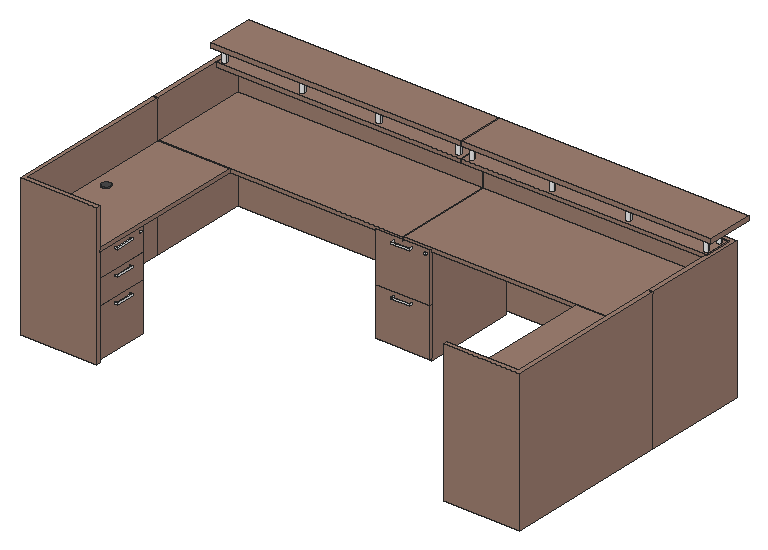
Revit family "T100121", category Furniture, Revit 2022
Family settings
  OmniClass Number = 23.40.20.00
  OmniClass Title = General Furniture and Specialties
  Work Plane-Based = No
  Always vertical = Yes
  Cut with Voids When Loaded = No
  Render Appearance Source = Family Geometry
  Shared = No
  Room Calculation Point = No
Parameters
  Default Elevation = 0' - 0"
Reference planes (in)
  plane 1 "Center Front/Back": y = 0
  plane 2: z = 0
  plane 3 "Center Left/Right": x = 0
Dimensions and locks (in)
  aligned and locked: level to plane 2
Nested families (in)
  nested 1: "OFS ELEMENT DOUBLE DESK WITH RETURN 144in" at (0, 17, 0), type "ELEMENT DOUBLE DESK WITH RETURN 144in Desk 48in Return"
    with Desk Overlay Option yes
  nested 2: "OFS ELEMENT DESK PEDESTAL" at (0, 27.04085, 0), type "ELEMENT DESK PEDESTAL FILE/FILE RETURN"
  nested 3: "OFS ELEMENT CREDENZA PEDESTAL" at (-69.375, -39.15625, 0) x (0, 1, 0) z (0, 0, 1), type "ELEMENT CREDENZA PEDESTAL BOX/BOX/FILE RETURN"
  nested 4: "OFS ELEMENT CREDENZA PEDESTAL" at (69.375, -39.15625, 0) x (0, -1, 0) z (0, 0, 1), type "ELEMENT CREDENZA PEDESTAL BOX/BOX/FILE RETURN"
Definition of nested family "OFS ELEMENT DOUBLE DESK WITH RETURN 144in"
  Parameters (values of type "ELEMENT DOUBLE DESK WITH RETURN 144in Desk 60in Return")
    Worksurface Material = none
    Width = 12' - 0"
    URL = "http://www.ofsbrands.com/"
    Transaction Shelf Material = none
    Table Supp from Lateral = 0' - 2 5/8"
    Table Supp from Center = 2' - 1"
    Table Depth = 1' - 1 1/2"
    Return Worksurface Width = 1' - 10"
    Model = "EL-T72D60"
    Manufacturer = "OFS"
    Lateral Board Thickness = 0' - 1 3/16"
    Height = 3' - 9"
    Standoffs Material = none
    Groomet Material = none
    Desk Overlay Thickness = 0' - 0 1/8"
    Desk Overlay Option [instance] = yes
    Desk Overlay Material = none
    Desk Overlay = 0' - 6 1/2"
    Description = "OFS BRANDS OFS ELEMENT DOUBLE DESK WITH RETURN 144\" Width, 2 X 72\"W x 34.3125\"D DESK, 2 X 60\"W x 22\"D RETURN"
    Depth = 7' - 10 5/16"
    Default Elevation = 0' - 0"
    Copyright © = "© 2018 OFS BRANDS"
    Catalog = "http://ofs.com/products/casegoods/reception/element"
    Bottom Board Offset = 0' - 0"
    Chassis Material = none
    Base Depth = 2' - 6"
    Back Board Thickness = 0' - 1 3/16"
    Authoring Version = "Autodesk Revit Architecture 2013"
    Assembly Code = "E2020200"
  Types (3): name | Model | Description | Depth
    (no name) | "EL-T72D60" | "OFS BRANDS OFS ELEMENT DOUBLE DESK WITH RETURN 144\" Width, 2 X 72\"W x 34.3125\"D DESK, 2 X 60\"W x 22\"D RETURN" | 7' - 10 5/16"
    ELEMENT DOUBLE DESK WITH RETURN 144in Desk 48in Return | "EL-T72D48" | "OFS BRANDS OFS ELEMENT DOUBLE DESK WITH RETURN 144\" Width, 2 X 72\"W x 34.3125\"D DESK, 2 X 48\"W x 22\"D RETURN" | 6' - 10 5/16"
    ELEMENT DOUBLE DESK WITH RETURN 144in Desk 60in Return | "EL-T72D60" | "OFS BRANDS OFS ELEMENT DOUBLE DESK WITH RETURN 144\" Width, 2 X 72\"W x 34.3125\"D DESK, 2 X 60\"W x 22\"D RETURN" | 7' - 10 5/16"
  Reference planes (in)
    plane 1 "Center Front/Back": y = 0
    plane 2: z = 0
    plane 3 "Center Left/Right": x = 0
    plane 4 "Back External": y = 17.15625
    plane 5 "Right External": x = 72
    plane 6 "Front External": y = -17.15625
    plane 7 "Left External": x = -72
    plane 8 "Seat Height": z = 29.5
    plane 9 "Height": z = 45
    plane 10: x = 70.8125
    plane 11: x = -70.8125
    plane 12: y = 12.84375
    plane 13: y = 11.65625
    plane 14: y = 3.65625
    plane 15: z = 40.5
    plane 16: z = 28.5
    plane 17: z = 43.875
    plane 18: z = 39.375
    plane 19: z = 0
    plane 20: x = -69.375
    plane 21: x = -25
    plane 22: x = 69.375
    plane 23: x = 25
    plane 24: x = 65.5
    plane 25: x = -65.5
    plane 26: z = 6.5
    plane 27: z = 34
    plane 28: y = 12.96875
    plane 29: x = 0.5
    plane 30: x = -0.5
    plane 31: x = -1.9375
    plane 32: x = 1.9375
    plane 33: x = -47
    plane 34: x = 47
    plane 35: y = -77.15625
    plane 36: x = -50
    plane 37: y = -75.96875
    plane 38: x = -67
    plane 39: x = 50
    plane 40: x = 67
    plane 41: y = -46.5625
  Forms (in)
    Extrusion 1, solid, material <- "Worksurface Material"
      sketch origin (0, 0, 0) x (1, 0, 0) y (0, 1, 0)
        loop
          line (-70.8125, 11.65625) -> (-70.8125, -17.15625) -> (-0.03125, -17.15625) -> (-0.03125, 11.65625) -> (-70.8125, 11.65625)
        loop
          line (70.8125, -17.15625) -> (70.8125, 11.65625) -> (0.03125, 11.65625) -> (0.03125, -17.15625) -> (70.8125, -17.15625)
      from 28.5 to 29.5
    Extrusion 2, solid, material <- "Chassis Material"
      sketch origin (0, 0, 0) x (1, 0, 0) y (0, 1, 0)
        loop
          line (-72, -17.15625) -> (-70.8125, -17.15625) -> (-70.8125, 11.65625) -> (-0.03125, 11.65625) -> (-0.03125, 12.84375) -> (-72, 12.84375) -> (-72, -17.15625)
        loop
          line (72, 12.84375) -> (0.03125, 12.84375) -> (0.03125, 11.65625) -> (70.8125, 11.65625) -> (70.8125, -17.15625) -> (72, -17.15625) -> (72, 12.84375)
      from 0 to 40.5
    Extrusion 3, solid, material <- "Chassis Material"
      sketch origin (0, 0, 6) x (1, 0, 0) y (0, 1, 0)
        loop
          line (-70.8125, 11.65625) -> (-70.8125, 3.65625) -> (-0.03125, 3.65625) -> (-0.03125, 11.65625) -> (-70.8125, 11.65625)
        loop
          line (70.8125, 3.65625) -> (70.8125, 11.65625) -> (0.03125, 11.65625) -> (0.03125, 3.65625) -> (70.8125, 3.65625)
      from 33.375 to 34.5
    Extrusion 4, solid, material <- "Transaction Shelf Material"
      sketch origin (0, 0, 6) x (1, 0, 0) y (0, 1, 0)
        loop
          line (-72, 17.15625) -> (-72, 3.65625) -> (-0.03125, 3.65625) -> (-0.03125, 17.15625) -> (-72, 17.15625)
        loop
          line (72, 3.65625) -> (72, 17.15625) -> (0.03125, 17.15625) -> (0.03125, 3.65625) -> (72, 3.65625)
      from 37.875 to 39
    Extrusion 5, solid, material <- "Standoffs Material"
      sketch origin (0, 0, 0) x (1, 0, 0) y (0, 1, 0)
        loop
          circle (-69.375, 10.04085) r 0.625
      from 40.5 to 43.875
    Extrusion 6, solid, material <- "Standoffs Material"
      sketch origin (0, -4.75, 0) x (1, 0, 0) y (0, 1, 0)
        loop
          circle (-69.375, 10.04085) r 0.625
      from 40.5 to 43.875
    Extrusion 7, solid, material <- "Standoffs Material"
      sketch origin (22.25, 0, 0) x (1, 0, 0) y (0, 1, 0)
        loop
          circle (-47.25, 10.04085) r 0.625
      from 40.5 to 43.875
    Extrusion 8, solid, material <- "Standoffs Material"
      sketch origin (22.25, -4.75, 0) x (1, 0, 0) y (0, 1, 0)
        loop
          circle (-47.25, 10.04085) r 0.625
      from 40.5 to 43.875
    Extrusion 9, solid, material <- "Standoffs Material"
      sketch origin (44.5, 0, 0) x (1, 0, 0) y (0, 1, 0)
        loop
          circle (-19.5, 10.04085) r 0.625
      from 40.5 to 43.875
    Extrusion 10, solid, material <- "Standoffs Material"
      sketch origin (44.5, -4.75, 0) x (1, 0, 0) y (0, 1, 0)
        loop
          circle (-19.5, 10.04085) r 0.625
      from 40.5 to 43.875
    Extrusion 11, solid, material <- "Standoffs Material"
      sketch origin (66.75, 0, 0) x (1, 0, 0) y (0, 1, 0)
        loop
          circle (2.625, 10.04085) r 0.625
      from 40.5 to 43.875
    Extrusion 12, solid, material <- "Standoffs Material"
      sketch origin (66.75, -4.75, 0) x (1, 0, 0) y (0, 1, 0)
        loop
          circle (2.625, 10.04085) r 0.625
      from 40.5 to 43.875
    Extrusion 13, solid, material <- "Desk Overlay Material", visible <- "Desk Overlay Option"
      sketch origin (0, 0, 0) x (1, 0, 0) y (0, 0, 1)
        loop
          line (65.5, 34) -> (-65.5, 34) -> (-65.5, 6.5) -> (65.5, 6.5) -> (65.5, 34)
      from -12.96875 to -12.84375
    Extrusion 14, solid, material <- "Chassis Material"
      sketch origin (0, 0, 0) x (1, 0, 0) y (0, 1, 0)
        loop
          line (-0.5, 11.65625) -> (-0.5, 0) -> (0.5, 0) -> (0.5, 11.65625) -> (-0.5, 11.65625)
      from 0 to 28.5
    Extrusion 15, solid, material <- "Standoffs Material"
      sketch origin (-71.3125, 0, 0) x (-1, 0, 0) y (0, -1, 0)
        loop
          circle (-69.375, -10.04085) r 0.625
      from 40.5 to 43.875
    Extrusion 16, solid, material <- "Standoffs Material"
      sketch origin (-71.3125, -4.75, 0) x (-1, 0, 0) y (0, -1, 0)
        loop
          circle (-69.375, -10.04085) r 0.625
      from 40.5 to 43.875
    Extrusion 17, solid, material <- "Standoffs Material"
      sketch origin (71.3125, 0, 0) x (1, 0, 0) y (0, 1, 0)
        loop
          circle (-69.375, 10.04085) r 0.625
      from 40.5 to 43.875
    Extrusion 18, solid, material <- "Standoffs Material"
      sketch origin (71.3125, -4.75, 0) x (1, 0, 0) y (0, 1, 0)
        loop
          circle (-69.375, 10.04085) r 0.625
      from 40.5 to 43.875
    Extrusion 19, solid, material <- "Standoffs Material"
      sketch origin (-94.25, 0, 0) x (-1, 0, 0) y (0, -1, 0)
        loop
          circle (-47.25, -10.04085) r 0.625
      from 40.5 to 43.875
    Extrusion 20, solid, material <- "Standoffs Material"
      sketch origin (-94.25, -4.75, 0) x (-1, 0, 0) y (0, -1, 0)
        loop
          circle (-47.25, -10.04085) r 0.625
      from 40.5 to 43.875
    Extrusion 21, solid, material <- "Standoffs Material"
      sketch origin (94.25, 0, 0) x (1, 0, 0) y (0, 1, 0)
        loop
          circle (-47.25, 10.04085) r 0.625
      from 40.5 to 43.875
    Extrusion 22, solid, material <- "Standoffs Material"
      sketch origin (94.25, -4.75, 0) x (1, 0, 0) y (0, 1, 0)
        loop
          circle (-47.25, 10.04085) r 0.625
      from 40.5 to 43.875
    Extrusion 23, solid, material <- "Chassis Material"
      sketch origin (-36, 0, 0) x (1, 0, 0) y (0, 1, 0)
        loop
          line (-36, -17.15625) -> (-36, -77.15625) -> (-14, -77.15625) -> (-14, -75.96875) -> (-34.8125, -75.96875) -> (-34.8125, -17.15625) -> (-36, -17.15625)
      from 0 to 40.5
    Extrusion 24, solid, material <- "Worksurface Material"
      sketch origin (-21.16074, -32.43958, 0) x (1, 0, 0) y (0, 1, 0)
        loop
          line (-49.65176, 15.28333) -> (-49.65176, -43.52917) -> (-28.83926, -43.52917) -> (-28.83926, 15.28333) -> (-49.65176, 15.28333)
      from 28.5 to 29.5
    Extrusion 25, solid, material <- "Chassis Material"
      sketch origin (36, 0, 0) x (-1, 0, 0) y (0, -1, 0)
        loop
          line (-36, 17.15625) -> (-34.8125, 17.15625) -> (-34.8125, 75.96875) -> (-14, 75.96875) -> (-14, 77.15625) -> (-36, 77.15625) -> (-36, 17.15625)
      from 0 to 40.5
    Extrusion 26, solid, material <- "Worksurface Material"
      sketch origin (21.16074, -32.43958, 0) x (-1, 0, 0) y (0, -1, 0)
        loop
          line (-49.65176, -15.28333) -> (-28.83926, -15.28333) -> (-28.83926, 43.52917) -> (-49.65176, 43.52917) -> (-49.65176, -15.28333)
      from 28.5 to 29.5
    Extrusion 27, solid, material <- "Groomet Material"
      sketch origin (-36, 0, 0) x (1, 0, 0) y (0, 1, 0)
        loop
          circle (-31, -46.5625) r 1.25
      from 29.5 to 29.625
    Extrusion 28, solid, material <- "Groomet Material"
      sketch origin (36, 6, 0) x (-1, 0, 0) y (0, -1, 0)
        loop
          circle (-31, 52.5625) r 1.25
      from 29.5 to 29.625
  Dimensions and locks (in)
    equal spacing: plane 7 "Left External", plane 3 "Center Left/Right", plane 5 "Right External"
    "Width": plane 7 "Left External" to plane 5 "Right External"
    equal spacing: plane 6 "Front External", plane 1 "Center Front/Back", plane 4 "Back External"
    "Depth": plane 4 "Back External" to plane 35
    plane 8 "Seat Height" to level = 2' - 5 1/2"
    "Height": plane 9 "Height" to level
    "Lateral Board Thickness": plane 7 "Left External" to plane 11
    "Lateral Board Thickness": plane 10 to plane 5 "Right External"
    "Base Depth": plane 12 to plane 6 "Front External"
    "Back Board Thickness": plane 12 to plane 13
    "Table Depth": plane 4 "Back External" to plane 14
    plane 15 to level = 3' - 4 1/2"
    "Bottom Board Offset": plane 19 to level
    "Table Supp from Lateral": plane 7 "Left External" to plane 20
    "Table Supp from Center": plane 21 to plane 3 "Center Left/Right"
    "Table Supp from Lateral": plane 5 "Right External" to plane 22
    "Table Supp from Center": plane 23 to plane 3 "Center Left/Right"
    "Desk Overlay": plane 5 "Right External" to plane 24
    "Desk Overlay": plane 25 to plane 7 "Left External"
    plane 25 to plane 24 = 10' - 11"
    "Desk Overlay": plane 27 to plane 15
    "Desk Overlay": plane 19 to plane 26
    "Desk Overlay Thickness": plane 28 to plane 12
    Extrusion 23 to plane 38 = 0' - 5"
    Extrusion 25 to plane 40 = 0' - 5"
    locked: plane 37 to plane 35 at 1.1875
    equal spacing: plane 6 "Front External", plane 41, plane 37
    aligned and locked: level to plane 2
    aligned and locked: Extrusion 1 sketch curve to plane 13
    aligned and locked: Extrusion 1 sketch curve to plane 11
    aligned and locked: Extrusion 1 sketch curve to plane 6 "Front External"
    aligned and locked: Extrusion 1 sketch curve to plane 10
    aligned and locked: plane 7 "Left External" to Extrusion 2 sketch curve
    aligned and locked: Extrusion 1 to Extrusion 2 sketch curve  (x2)
    aligned and locked: Extrusion 2 sketch curve to Extrusion 1  (x2)
    aligned and locked: Extrusion 2 sketch curve to plane 12
    aligned and locked: plane 5 "Right External" to Extrusion 2 sketch curve
    aligned and locked: Extrusion 2 sketch curve to plane 13
    aligned and locked: Extrusion 2 to plane 19
    aligned and locked: Extrusion 1 to plane 16
    aligned and locked: Extrusion 1 to plane 8 "Seat Height"
    aligned and locked: Extrusion 3 to plane 18
    aligned and locked: plane 11 to Extrusion 3
    aligned and locked: plane 10 to Extrusion 3
    aligned and locked: plane 13 to Extrusion 3
    aligned and locked: Extrusion 3 to plane 14
    aligned and locked: Extrusion 4 to plane 14
    aligned and locked: plane 4 "Back External" to Extrusion 4
    aligned and locked: Extrusion 4 to plane 9 "Height"
    aligned and locked: Extrusion 4 to plane 17
    aligned and locked: plane 5 "Right External" to Extrusion 4
    aligned and locked: Extrusion 4 to plane 7 "Left External"
    aligned and locked: Extrusion 13 sketch curve to plane 27
    aligned and locked: Extrusion 13 sketch curve to plane 24
    aligned and locked: Extrusion 13 sketch curve to plane 26
    aligned and locked: Extrusion 13 sketch curve to plane 25
    aligned and locked: Extrusion 13 to plane 12
    aligned and locked: Extrusion 13 to plane 28
    aligned and locked: Extrusion 14 sketch curve to plane 13
    aligned and locked: Extrusion 14 sketch curve to plane 30
    aligned and locked: Extrusion 14 sketch curve to plane 1 "Center Front/Back"
    aligned and locked: Extrusion 14 sketch curve to plane 29
    aligned and locked: Extrusion 23 sketch curve to plane 37
    aligned and locked: plane 36 to Extrusion 23 sketch curve
    aligned and locked: plane 35 to Extrusion 23 sketch curve
    aligned and locked: Extrusion 24 to plane 36
    aligned and locked: Extrusion 24 to plane 37
    aligned and locked: Extrusion 25 sketch curve to plane 39
    aligned and locked: plane 39 to Extrusion 26
  Automatic sketch dimensions
    Extrusion 1 sketch curve to plane 6 "Front External" = 0' - 0"
    Extrusion 1 sketch curve to plane 13 = 0' - 0"
    Extrusion 1 sketch curve to plane 3 "Center Left/Right" = 0' - 0 1/32"
    plane 3 "Center Left/Right" to Extrusion 1 sketch curve = 0' - 0 1/32"
    Extrusion 2 sketch curve to plane 12 = 0' - 0"
    Extrusion 2 sketch curve to plane 13 = 0' - 0"
    Extrusion 2 sketch curve to plane 3 "Center Left/Right" = 0' - 0 1/32"
    plane 3 "Center Left/Right" to Extrusion 2 sketch curve = 0' - 0 1/32"
    Extrusion 3 sketch curve to plane 11 = 0' - 0"
    Extrusion 3 sketch curve to plane 13 = 0' - 0"  (x2)
    Extrusion 3 sketch curve to plane 14 = 0' - 0"  (x2)
    Extrusion 3 sketch curve to plane 10 = 0' - 0"
    Extrusion 3 sketch curve to plane 3 "Center Left/Right" = 0' - 0 1/32"
    plane 3 "Center Left/Right" to Extrusion 3 sketch curve = 0' - 0 1/32"
    Extrusion 4 sketch curve to plane 4 "Back External" = 0' - 0"  (x2)
    Extrusion 4 sketch curve to plane 7 "Left External" = 0' - 0"
    Extrusion 4 sketch curve to plane 14 = 0' - 0"  (x2)
    Extrusion 4 sketch curve to plane 5 "Right External" = 0' - 0"
    Extrusion 4 sketch curve to plane 3 "Center Left/Right" = 0' - 0 1/32"
    plane 3 "Center Left/Right" to Extrusion 4 sketch curve = 0' - 0 1/32"
    Extrusion 5 sketch curve to plane 20 = 0' - 0"
    Extrusion 5 sketch curve to plane 13 = 0' - 1.6154"
    Extrusion 6 sketch curve to plane 20 = 0' - 0"
    plane 14 to Extrusion 6 sketch curve = 0' - 1.6346"
    Extrusion 7 sketch curve to plane 21 = 0' - 0"
    Extrusion 7 sketch curve to plane 13 = 0' - 1.6154"
    Extrusion 8 sketch curve to plane 21 = 0' - 0"
    plane 14 to Extrusion 8 sketch curve = 0' - 1.6346"
    Extrusion 9 sketch curve to plane 23 = 0' - 0"
    Extrusion 9 sketch curve to plane 13 = 0' - 1.6154"
    Extrusion 10 sketch curve to plane 23 = 0' - 0"
    plane 14 to Extrusion 10 sketch curve = 0' - 1.6346"
    Extrusion 11 sketch curve to plane 22 = 0' - 0"
    Extrusion 11 sketch curve to plane 13 = 0' - 1.6154"
    Extrusion 12 sketch curve to plane 22 = 0' - 0"
    plane 14 to Extrusion 12 sketch curve = 0' - 1.6346"
    Extrusion 15 sketch curve to plane 31 = 0' - 0"
    plane 13 to Extrusion 15 sketch curve = 0' - 1.6154"
    Extrusion 16 sketch curve to plane 31 = 0' - 0"
    Extrusion 16 sketch curve to plane 14 = 0' - 1.6346"
    Extrusion 17 sketch curve to plane 32 = 0' - 0"
    Extrusion 17 sketch curve to plane 13 = 0' - 1.6154"
    Extrusion 18 sketch curve to plane 32 = 0' - 0"
    plane 14 to Extrusion 18 sketch curve = 0' - 1.6346"
    Extrusion 19 sketch curve to plane 33 = 0' - 0"
    plane 13 to Extrusion 19 sketch curve = 0' - 1.6154"
    Extrusion 20 sketch curve to plane 33 = 0' - 0"
    Extrusion 20 sketch curve to plane 14 = 0' - 1.6346"
    Extrusion 21 sketch curve to plane 34 = 0' - 0"
    Extrusion 21 sketch curve to plane 13 = 0' - 1.6154"
    Extrusion 22 sketch curve to plane 34 = 0' - 0"
    plane 14 to Extrusion 22 sketch curve = 0' - 1.6346"
    Extrusion 23 sketch curve to plane 7 "Left External" = 0' - 0"
    Extrusion 23 sketch curve to plane 11 = 0' - 0"
    Extrusion 23 sketch curve to plane 6 "Front External" = 0' - 0"
    Extrusion 24 sketch curve to plane 11 = 0' - 0"
    Extrusion 24 sketch curve to plane 36 = 0' - 0"
    Extrusion 24 sketch curve to plane 37 = 0' - 0"
    Extrusion 24 sketch curve to plane 6 "Front External" = 0' - 0"
    Extrusion 25 sketch curve to plane 5 "Right External" = 0' - 0"
    Extrusion 25 sketch curve to plane 10 = 0' - 0"
    plane 6 "Front External" to Extrusion 25 sketch curve = 0' - 0"
    plane 37 to Extrusion 25 sketch curve = 0' - 0"
    plane 35 to Extrusion 25 sketch curve = 0' - 0"
    Extrusion 26 sketch curve to plane 10 = 0' - 0"
    plane 37 to Extrusion 26 sketch curve = 0' - 0"
    Extrusion 26 sketch curve to plane 39 = 0' - 0"
    plane 6 "Front External" to Extrusion 26 sketch curve = 0' - 0"
    Extrusion 27 sketch curve to plane 38 = 0' - 0"
    Extrusion 27 sketch curve to plane 41 = 0' - 0"
    Extrusion 28 sketch curve to plane 40 = 0' - 0"
    Extrusion 28 sketch curve to plane 41 = 0' - 0"
    radius of Extrusion 5 sketch curve = 0' - 0 5/8"
    radius of Extrusion 6 sketch curve = 0' - 0 5/8"
    radius of Extrusion 7 sketch curve = 0' - 0 5/8"
    radius of Extrusion 8 sketch curve = 0' - 0 5/8"
    radius of Extrusion 9 sketch curve = 0' - 0 5/8"
    radius of Extrusion 10 sketch curve = 0' - 0 5/8"
    radius of Extrusion 11 sketch curve = 0' - 0 5/8"
    radius of Extrusion 12 sketch curve = 0' - 0 5/8"
    radius of Extrusion 15 sketch curve = 0' - 0 5/8"
    radius of Extrusion 16 sketch curve = 0' - 0 5/8"
    radius of Extrusion 17 sketch curve = 0' - 0 5/8"
    radius of Extrusion 18 sketch curve = 0' - 0 5/8"
    radius of Extrusion 19 sketch curve = 0' - 0 5/8"
    radius of Extrusion 20 sketch curve = 0' - 0 5/8"
    radius of Extrusion 21 sketch curve = 0' - 0 5/8"
    radius of Extrusion 22 sketch curve = 0' - 0 5/8"
    radius of Extrusion 27 sketch curve = 0' - 1 1/4"
    radius of Extrusion 28 sketch curve = 0' - 1 1/4"
Definition of nested family "OFS ELEMENT DESK PEDESTAL"
  Parameters (values of type "ELEMENT DESK PEDESTAL FILE/FILE RETURN")
    Worksurface Material = none
    Width = 1' - 3 5/8"
    URL = "http://ofsbrands.com"
    Top Thickness = 0' - 0"
    Lateral Boads Thickness = 0' - 0 5/8"
    Frontboard Thickness = 0' - 0 3/4"
    Frontboard Space = 0' - 0 1/4"
    Drawer Handles Material = none
    Drawer Handle Width = 0' - 5 7/16"
    Drawer Handle Depth = 0' - 1"
    Drawer 1 Height = 1' - 2 1/2"
    Door Gap = 0' - 0 1/8"
    Depth = 2' - 3 5/8"
    Model = "EL-1628MFFC"
    Manufacturer = "OFS"
    Height = 2' - 4 13/16"
    Description = "OFS BRANDS OFS ELEMENT DESK PEDESTAL FILE/FILE RETURN, Two File Drawers"
    Default Elevation = 0' - 0"
    Copyright © = "© OFS BRANDS 2018"
    Chasis Material = none
    Catalog = "http://ofs.com/products/casegoods/reception/element"
    Bottomboard Thickness = 0' - 0 15/16"
    Bottom Board Offset = 0' - 0 9/16"
    Backboard Thickness = 0' - 0 15/16"
    Authoring Version = "Autodesk Revit Architecture 2013"
    Assembly Code = "E2020200"
    2 = no
    1 = yes
  Types (3): name | Model | Description | 2 | 1
    (no name) | "EL-1628MFFC" | "OFS BRANDS OFS ELEMENT DESK PEDESTAL FILE/FILE RETURN, Two File Drawers" | no | yes
    ELEMENT DESK PEDESTAL BOX/BOX/FILE RETURN | "EL-1628MBFC" | "OFS BRANDS OFS ELEMENT DESK PEDESTAL BOX/BOX/FILE RETURN, Two Box Drawers, One File Drawer" | yes | no
    ELEMENT DESK PEDESTAL FILE/FILE RETURN | "EL-1628MFFC" | "OFS BRANDS OFS ELEMENT DESK PEDESTAL FILE/FILE RETURN, Two File Drawers" | no | yes
  Reference planes (in)
    plane 1 "Center Front/Back": y = 0
    plane 2: z = 0
    plane 3 "Center Left/Right": x = 0
    plane 4 "Left End": x = -7.8125
    plane 5 "Front End": y = -27.625
    plane 6 "Right End": x = 7.8125
    plane 7 "Height Top": z = 28.8125
    plane 8: z = 0.5625
    plane 9: y = -0.9375
    plane 10: y = -27.375
    plane 11: x = 7.1875
    plane 12: x = -7.1875
    plane 13: y = -26.625
    plane 14: z = 1.5
    plane 15: z = 28.8125
    plane 16: x = 0
    plane 17: x = -2.71875
    plane 18: x = 2.71875
    plane 19: y = -28.375
    plane 20: y = -22.31418
    plane 21: x = -2.46875
    plane 22: y = -28.125
    plane 23: x = 2.46875
    plane 24: z = 27.8125
    plane 25: z = 27.3125
    plane 26: z = 14.5
    plane 27: z = 14.375
    plane 28: z = 21.65625
    plane 29: z = 21.53125
    plane 30: z = 20.65625
    plane 31: z = 20.15625
    plane 32: z = 13.5
    plane 33: z = 13
    plane 34: z = 14.96875
    plane 35: z = 14.03125
  Forms (in)
    Extrusion 1, solid, material <- "Chasis Material"
      sketch origin (-3.125, -5.41266, 0) x (1, 0, 0) y (0, 1, 0)
        loop
          line (-4.6875, 5.41266) -> (-4.6875, -21.21234) -> (-4.0625, -21.21234) -> (-4.0625, 5.41266) -> (-4.6875, 5.41266)
      from 0 to 28.8125
    Extrusion 2, solid, material <- "Chasis Material"
      sketch origin (37.875, -5.41266, 0) x (1, 0, 0) y (0, 1, 0)
        loop
          line (-30.6875, 5.41266) -> (-30.6875, -21.21234) -> (-30.0625, -21.21234) -> (-30.0625, 5.41266) -> (-30.6875, 5.41266)
      from 0 to 28.8125
    Extrusion 3, solid, material <- "Chasis Material"
      sketch origin (-5.10739, -10.02382, 0) x (1, 0, 0) y (0, 1, 0)
        loop
          line (-2.70511, -16.60118) -> (-2.70511, -17.35118) -> (12.91989, -17.35118) -> (12.91989, -16.60118) -> (-2.70511, -16.60118)
      from 0.5625 to 14.375
    Extrusion 4, solid, material <- "Chasis Material"
      sketch origin (0, 0, 0) x (1, 0, 0) y (0, 1, 0)
        loop
          line (-7.1875, -0.9375) -> (-7.1875, -26.625) -> (7.1875, -26.625) -> (7.1875, -0.9375) -> (-7.1875, -0.9375)
      from 0.5625 to 1.5
    Extrusion 5, solid, material <- "Drawer Handles Material"
      sketch origin (7.8125, 0, 0) x (1, 0, 0) y (0, 1, 0)
        loop
          line (-10.53125, -27.375) -> (-10.53125, -28.375) -> (-5.09375, -28.375) -> (-5.09375, -27.375) -> (-5.34375, -27.375) -> (-5.34375, -28.125) -> (-10.28125, -28.125) -> (-10.28125, -27.375) -> (-10.53125, -27.375)
      from 27.3125 to 27.8125
    Extrusion 6, solid, material <- "Drawer Handles Material", visible <- "2"
      sketch origin (7.8125, 0, -7.15625) x (1, 0, 0) y (0, 1, 0)
        loop
          line (-10.53125, -27.375) -> (-10.53125, -28.375) -> (-5.09375, -28.375) -> (-5.09375, -27.375) -> (-5.34375, -27.375) -> (-5.34375, -28.125) -> (-10.28125, -28.125) -> (-10.28125, -27.375) -> (-10.53125, -27.375)
      from 27.3125 to 27.8125
    Extrusion 7, solid, material <- "Drawer Handles Material"
      sketch origin (7.8125, 0, -14.3125) x (1, 0, 0) y (0, 1, 0)
        loop
          line (-10.53125, -27.375) -> (-10.53125, -28.375) -> (-5.09375, -28.375) -> (-5.09375, -27.375) -> (-5.34375, -27.375) -> (-5.34375, -28.125) -> (-10.28125, -28.125) -> (-10.28125, -27.375) -> (-10.53125, -27.375)
      from 27.3125 to 27.8125
    Extrusion 8, solid, material <- "Chasis Material", visible <- "1"
      sketch origin (-5.10739, -10.02382, 10.75) x (1, 0, 0) y (0, 1, 0)
        loop
          line (-2.70511, -16.60118) -> (-2.70511, -17.35118) -> (12.91989, -17.35118) -> (12.91989, -16.60118) -> (-2.70511, -16.60118)
      from 3.75 to 18.0625
    Extrusion 9, solid, material <- "Chasis Material", visible <- "2"
      sketch origin (-18.01928, -10.02382, 13.32115) x (-1, 0, 0) y (0, -1, 0)
        loop
          line (-25.83178, 16.60118) -> (-10.20678, 16.60118) -> (-10.20678, 17.35118) -> (-25.83178, 17.35118) -> (-25.83178, 16.60118)
      from 8.3351 to 15.49135
    Extrusion 10, solid, material <- "Chasis Material", visible <- "2"
      sketch origin (-20.85209, -10.02382, 6.64749) x (-1, 0, 0) y (0, -1, 0)
        loop
          line (-28.66459, 16.60118) -> (-13.03959, 16.60118) -> (-13.03959, 17.35118) -> (-28.66459, 17.35118) -> (-28.66459, 16.60118)
      from 7.85251 to 14.88376
    Extrusion 11, solid, material <- "Chasis Material"
      sketch origin (0, 0, 0) x (0, 1, 0) y (0, 0, 1)
        loop
          line (-22.87008, 28.23707) -> (-22.87008, 27.4375) -> (-20.37008, 27.4375) -> (-20.37008, 28.23707) -> (-22.87008, 28.23707)
        loop
          line (-2.53617, 27.4375) -> (-0.03617, 27.4375) -> (-0.03617, 28.23707) -> (-2.53617, 28.23707) -> (-2.53617, 27.4375)
        loop
          line (-0.9375, 23.05758) -> (-0.07543, 23.05758) -> (-0.07543, 25.55758) -> (-0.9375, 25.55758) -> (-0.9375, 23.05758)
        loop
          line (-0.9375, 3.00492) -> (-0.07543, 3.00492) -> (-0.07543, 5.50492) -> (-0.9375, 5.50492) -> (-0.9375, 3.00492)
      from -7.1875 to 7.1875
    Extrusion 12, solid, material <- "Chasis Material"
      sketch origin (0, 0, 0) x (1, 0, 0) y (0, 0, 1)
        loop
          line (-7.1875, 14.96875) -> (-7.1875, 14.03125) -> (7.1875, 14.03125) -> (7.1875, 14.96875) -> (-7.1875, 14.96875)
      from 0.9375 to 26.625
    Blend 13, solid, material <- "Drawer Handles Material"
      base sketch origin (-45.26475, -5.625, 1.53469) x (1, 0, 0) y (0, 0, 1)
        loop
          circle (51.8743, 26.01563) r 0.31101
      top sketch origin (-45.26475, -5.625, 1.53469) x (1, 0, 0) y (0, 0, 1)
        loop
          circle (51.8743, 26.01563) r 0.25
      from 21.75 to 22
  Dimensions and locks (in)
    "Height": plane 7 "Height Top" to level
    "Bottom Board Offset": plane 8 to level
    "Depth": plane 5 "Front End" to plane 1 "Center Front/Back"
    equal spacing: plane 4 "Left End", plane 3 "Center Left/Right", plane 6 "Right End"
    "Width": plane 4 "Left End" to plane 6 "Right End"
    "Backboard Thickness": plane 9 to plane 1 "Center Front/Back"
    "Frontboard Space": plane 10 to plane 5 "Front End"
    "Lateral Boads Thickness": plane 4 "Left End" to plane 12
    "Lateral Boads Thickness": plane 11 to plane 6 "Right End"
    "Frontboard Thickness": plane 13 to plane 10
    "Bottomboard Thickness": plane 14 to plane 8
    "Top Thickness": plane 7 "Height Top" to plane 15
    equal spacing: plane 17, plane 16, plane 18
    "Drawer Handle Width": plane 17 to plane 18
    "Drawer Handle Depth": plane 10 to plane 19
    locked: plane 17 to plane 21 at 0.25
    locked: plane 22 to plane 19 at 0.25
    locked: plane 18 to plane 23 at 0.25
    locked: plane 15 to plane 24 at 1
    locked: plane 24 to plane 25 at 0.5
    "Drawer 1 Height": plane 26 to level
    "Door Gap": plane 26 to plane 27
    equal spacing: plane 15, plane 28, plane 26
    "Door Gap": plane 28 to plane 29
    locked: plane 28 to plane 30 at 1
    locked: plane 30 to plane 31 at 0.5
    locked: plane 26 to plane 32 at 1
    locked: plane 32 to plane 33 at 0.5
    equal spacing: plane 34, plane 26, plane 35
    "Backboard Thickness": plane 34 to plane 35
    aligned and locked: level to plane 2
    aligned and locked: Extrusion 1 to plane 4 "Left End"
    aligned and locked: Extrusion 1 to plane 12
    aligned and locked: Extrusion 1 to plane 1 "Center Front/Back"
    aligned and locked: Extrusion 1 to plane 13
    aligned and locked: Extrusion 2 to plane 1 "Center Front/Back"
    aligned and locked: Extrusion 2 to plane 13
    aligned and locked: plane 11 to Extrusion 2
    aligned and locked: Extrusion 2 to plane 6 "Right End"
    aligned and locked: Extrusion 3 to plane 10
    aligned and locked: plane 13 to Extrusion 3
    aligned and locked: Extrusion 3 to plane 4 "Left End"
    aligned and locked: Extrusion 1 to plane 15
    aligned and locked: Extrusion 2 to plane 15
    aligned and locked: Extrusion 3 to plane 8
    aligned and locked: Extrusion 2 to level
    aligned and locked: Extrusion 1 to level
    aligned and locked: Extrusion 4 sketch curve to plane 9
    aligned and locked: Extrusion 4 sketch curve to plane 12
    aligned and locked: plane 11 to Extrusion 4 sketch curve
    aligned and locked: plane 13 to Extrusion 4 sketch curve
    aligned and locked: Extrusion 4 to plane 8
    aligned and locked: plane 14 to Extrusion 4
    aligned and locked: Extrusion 5 sketch curve to plane 17
    aligned and locked: Extrusion 5 sketch curve to plane 10  (x2)
    aligned and locked: Extrusion 5 sketch curve to plane 22
    aligned and locked: plane 18 to Extrusion 5 sketch curve
    aligned and locked: Extrusion 5 sketch curve to plane 23
    aligned and locked: plane 24 to Extrusion 5
    aligned and locked: Extrusion 5 to plane 25
    aligned and locked: plane 30 to Extrusion 6
    aligned and locked: Extrusion 6 to plane 31
    aligned and locked: plane 32 to Extrusion 7
    aligned and locked: Extrusion 7 to plane 33
    aligned and locked: plane 27 to Extrusion 3
    aligned and locked: Extrusion 8 to plane 4 "Left End"
    aligned and locked: Extrusion 9 to plane 28
    aligned and locked: plane 29 to Extrusion 10
    aligned and locked: Extrusion 10 to plane 26
    aligned and locked: Extrusion 9 to plane 15
    aligned and locked: Extrusion 8 to plane 15
    aligned and locked: Extrusion 8 to plane 26
    aligned and locked: plane 12 to Extrusion 11
    aligned and locked: Extrusion 11 to plane 11
    aligned and locked: plane 11 to Extrusion 12 sketch curve
    aligned and locked: Extrusion 12 sketch curve to plane 12
    aligned and locked: Extrusion 12 sketch curve to plane 34
    aligned and locked: Extrusion 12 sketch curve to plane 35
    aligned and locked: Extrusion 12 to plane 13
    aligned and locked: plane 9 to Extrusion 12
    aligned and locked: Extrusion 9 to plane 6 "Right End"
    aligned and locked: Extrusion 8 to plane 6 "Right End"
    aligned and locked: Extrusion 10 to plane 6 "Right End"
    aligned and locked: Extrusion 3 to plane 6 "Right End"
    aligned and locked: plane 16 to plane 3 "Center Left/Right"
  Automatic sketch dimensions
    Extrusion 1 sketch curve to plane 4 "Left End" = 0' - 0"
    Extrusion 1 sketch curve to plane 12 = 0' - 0"
    Extrusion 1 sketch curve to plane 13 = 0' - 0"
    plane 1 "Center Front/Back" to Extrusion 1 sketch curve = 0' - 0"
    Extrusion 2 sketch curve to plane 11 = 0' - 0"
    Extrusion 2 sketch curve to plane 6 "Right End" = 0' - 0"
    Extrusion 2 sketch curve to plane 13 = 0' - 0"
    plane 1 "Center Front/Back" to Extrusion 2 sketch curve = 0' - 0"
    Extrusion 3 sketch curve to plane 4 "Left End" = 0' - 0"
    Extrusion 3 sketch curve to plane 10 = 0' - 0"
    Extrusion 3 sketch curve to plane 13 = 0' - 0"
    Extrusion 5 sketch curve to plane 21 = 0' - 0"
    Extrusion 5 sketch curve to plane 19 = 0' - 0"
    Extrusion 6 sketch curve to plane 10 = 0' - 0"  (x2)
    Extrusion 6 sketch curve to plane 17 = 0' - 0"
    Extrusion 6 sketch curve to plane 21 = 0' - 0"
    Extrusion 6 sketch curve to plane 23 = 0' - 0"
    Extrusion 6 sketch curve to plane 18 = 0' - 0"
    Extrusion 6 sketch curve to plane 19 = 0' - 0"
    plane 22 to Extrusion 6 sketch curve = 0' - 0"
    Extrusion 7 sketch curve to plane 10 = 0' - 0"  (x2)
    Extrusion 7 sketch curve to plane 17 = 0' - 0"
    Extrusion 7 sketch curve to plane 21 = 0' - 0"
    Extrusion 7 sketch curve to plane 23 = 0' - 0"
    Extrusion 7 sketch curve to plane 18 = 0' - 0"
    Extrusion 7 sketch curve to plane 19 = 0' - 0"
    plane 22 to Extrusion 7 sketch curve = 0' - 0"
    Extrusion 8 sketch curve to plane 4 "Left End" = 0' - 0"
    Extrusion 8 sketch curve to plane 10 = 0' - 0"
    Extrusion 8 sketch curve to plane 13 = 0' - 0"
    Extrusion 9 sketch curve to plane 10 = 0' - 0"
    Extrusion 9 sketch curve to plane 4 "Left End" = 0' - 0"
    Extrusion 9 sketch curve to plane 13 = 0' - 0"
    Extrusion 10 sketch curve to plane 10 = 0' - 0"
    Extrusion 10 sketch curve to plane 4 "Left End" = 0' - 0"
    Extrusion 10 sketch curve to plane 13 = 0' - 0"
    Extrusion 11 sketch curve to plane 9 = 0' - 0"  (x2)
    plane 1 "Center Front/Back" to Extrusion 11 sketch curve = 0' - 0.07543"  (x2)
    plane 14 to Extrusion 11 sketch curve = 0' - 1.50492"
    plane 25 to Extrusion 11 sketch curve = 0' - 0 1/8"  (x2)
    Extrusion 11 sketch curve to plane 9 = 0' - 1.59867"
    plane 13 to Extrusion 11 sketch curve = 0' - 6.25492"
    plane 24 to Extrusion 11 sketch curve = 0' - 0.42457"  (x2)
    Extrusion 11 sketch curve to Extrusion 11 sketch curve = 0' - 2 1/2"  (x2)
    plane 1 "Center Front/Back" to Extrusion 11 sketch curve = 0' - 0.03617"
    plane 28 to Extrusion 11 sketch curve = 0' - 1.40133"
    Extrusion 11 sketch curve to plane 25 = 0' - 1.75492"
    plane 3 "Center Left/Right" to Extrusion 3 sketch curve = 0' - 7 13/16"
    plane 3 "Center Left/Right" to Extrusion 8 sketch curve = 0' - 7 13/16"
    plane 3 "Center Left/Right" to Extrusion 9 sketch curve = 0' - 7 13/16"
    plane 3 "Center Left/Right" to Extrusion 10 sketch curve = 0' - 7 13/16"
    plane 25 to Blend 13 sketch curve = 0' - 0.23781"  (x2)
    plane 11 to Blend 13 sketch curve = 0' - 0.57795"  (x2)
    radius of Blend 13 sketch curve = 0' - 0.31101"
    radius of Blend 13 sketch curve = 0' - 0 1/4"
Definition of nested family "OFS ELEMENT CREDENZA PEDESTAL"
  Parameters (values of type "ELEMENT CREDENZA PEDESTAL FILE/FILE RETURN")
    Worksurface Material = none
    Width = 1' - 3 5/8"
    URL = "http://ofsbrands.com"
    Top Thickness = 0' - 0"
    Lateral Boads Thickness = 0' - 0 5/8"
    Frontboard Thickness = 0' - 0 3/4"
    Frontboard Space = 0' - 0 1/4"
    Drawer Handles Material = none
    Drawer Handle Width = 0' - 5 7/16"
    Drawer Handle Depth = 0' - 1"
    Drawer 1 Height = 1' - 2 1/2"
    Door Gap = 0' - 0 1/8"
    Depth = 1' - 7 5/8"
    Model = "EL-1620MFFC"
    Manufacturer = "OFS"
    Height = 2' - 4 13/16"
    Description = "OFS BRANDS OFS ELEMENT CREDENZA PEDESTAL FILE/FILE RETURN, Two File Drawers"
    Default Elevation = 0' - 0"
    Copyright © = "© OFS BRANDS 2018"
    Chasis Material = none
    Catalog = "http://ofs.com/products/casegoods/reception/element"
    Bottomboard Thickness = 0' - 0 15/16"
    Bottom Board Offset = 0' - 0 9/16"
    Backboard Thickness = 0' - 0 15/16"
    Authoring Version = "Autodesk Revit Architecture 2013"
    Assembly Code = "E2020200"
    2 = no
    1 = yes
  Types (3): name | Model | Description | 2 | 1
    (no name) | "EL-1620MFFC" | "OFS BRANDS OFS ELEMENT CREDENZA PEDESTAL FILE/FILE RETURN, Two File Drawers" | no | yes
    ELEMENT CREDENZA PEDESTAL BOX/BOX/FILE RETURN | "EL-1620MBFC" | "OFS BRANDS OFS ELEMENT CREDENZA PEDESTAL BOX/BOX/FILE RETURN, Two Box Drawers, One File Drawer" | yes | no
    ELEMENT CREDENZA PEDESTAL FILE/FILE RETURN | "EL-1620MFFC" | "OFS BRANDS OFS ELEMENT CREDENZA PEDESTAL FILE/FILE RETURN, Two File Drawers" | no | yes
  Reference planes (in)
    plane 1 "Center Front/Back": y = 0
    plane 2: z = 0
    plane 3 "Center Left/Right": x = 0
    plane 4 "Left End": x = -7.8125
    plane 5 "Front End": y = -19.625
    plane 6 "Right End": x = 7.8125
    plane 7 "Height Top": z = 28.8125
    plane 8: z = 0.5625
    plane 9: y = -0.9375
    plane 10: y = -19.375
    plane 11: x = 7.1875
    plane 12: x = -7.1875
    plane 13: y = -18.625
    plane 14: z = 1.5
    plane 15: z = 28.8125
    plane 16: x = 0
    plane 17: x = -2.71875
    plane 18: x = 2.71875
    plane 19: y = -20.375
    plane 20: y = -22.31418
    plane 21: x = -2.46875
    plane 22: y = -20.125
    plane 23: x = 2.46875
    plane 24: z = 27.8125
    plane 25: z = 27.3125
    plane 26: z = 14.5
    plane 27: z = 14.375
    plane 28: z = 21.65625
    plane 29: z = 21.53125
    plane 30: z = 20.65625
    plane 31: z = 20.15625
    plane 32: z = 13.5
    plane 33: z = 13
    plane 34: z = 14.96875
    plane 35: z = 14.03125
  Forms (in)
    Extrusion 1, solid, material <- "Chasis Material"
      sketch origin (-3.125, -5.41266, 0) x (1, 0, 0) y (0, 1, 0)
        loop
          line (-4.6875, 5.41266) -> (-4.6875, -13.21234) -> (-4.0625, -13.21234) -> (-4.0625, 5.41266) -> (-4.6875, 5.41266)
      from 0 to 28.8125
    Extrusion 2, solid, material <- "Chasis Material"
      sketch origin (37.875, -5.41266, 0) x (1, 0, 0) y (0, 1, 0)
        loop
          line (-30.6875, 5.41266) -> (-30.6875, -13.21234) -> (-30.0625, -13.21234) -> (-30.0625, 5.41266) -> (-30.6875, 5.41266)
      from 0 to 28.8125
    Extrusion 3, solid, material <- "Chasis Material"
      sketch origin (-5.10739, -10.02382, 0) x (1, 0, 0) y (0, 1, 0)
        loop
          line (-2.70511, -8.60118) -> (-2.70511, -9.35118) -> (12.91989, -9.35118) -> (12.91989, -8.60118) -> (-2.70511, -8.60118)
      from 0.5625 to 14.375
    Extrusion 4, solid, material <- "Chasis Material"
      sketch origin (0, 0, 0) x (1, 0, 0) y (0, 1, 0)
        loop
          line (-7.1875, -0.9375) -> (-7.1875, -18.625) -> (7.1875, -18.625) -> (7.1875, -0.9375) -> (-7.1875, -0.9375)
      from 0.5625 to 1.5
    Extrusion 5, solid, material <- "Drawer Handles Material"
      sketch origin (7.8125, 0, 0) x (1, 0, 0) y (0, 1, 0)
        loop
          line (-10.53125, -19.375) -> (-10.53125, -20.375) -> (-5.09375, -20.375) -> (-5.09375, -19.375) -> (-5.34375, -19.375) -> (-5.34375, -20.125) -> (-10.28125, -20.125) -> (-10.28125, -19.375) -> (-10.53125, -19.375)
      from 27.3125 to 27.8125
    Extrusion 6, solid, material <- "Drawer Handles Material", visible <- "2"
      sketch origin (7.8125, 0, -7.15625) x (1, 0, 0) y (0, 1, 0)
        loop
          line (-10.53125, -19.375) -> (-10.53125, -20.375) -> (-5.09375, -20.375) -> (-5.09375, -19.375) -> (-5.34375, -19.375) -> (-5.34375, -20.125) -> (-10.28125, -20.125) -> (-10.28125, -19.375) -> (-10.53125, -19.375)
      from 27.3125 to 27.8125
    Extrusion 7, solid, material <- "Drawer Handles Material"
      sketch origin (7.8125, 0, -14.3125) x (1, 0, 0) y (0, 1, 0)
        loop
          line (-10.53125, -19.375) -> (-10.53125, -20.375) -> (-5.09375, -20.375) -> (-5.09375, -19.375) -> (-5.34375, -19.375) -> (-5.34375, -20.125) -> (-10.28125, -20.125) -> (-10.28125, -19.375) -> (-10.53125, -19.375)
      from 27.3125 to 27.8125
    Extrusion 8, solid, material <- "Chasis Material", visible <- "1"
      sketch origin (-5.10739, -10.02382, 10.75) x (1, 0, 0) y (0, 1, 0)
        loop
          line (-2.70511, -8.60118) -> (-2.70511, -9.35118) -> (12.91989, -9.35118) -> (12.91989, -8.60118) -> (-2.70511, -8.60118)
      from 3.75 to 18.0625
    Extrusion 9, solid, material <- "Chasis Material", visible <- "2"
      sketch origin (-18.01928, -10.02382, 13.32115) x (-1, 0, 0) y (0, -1, 0)
        loop
          line (-25.83178, 8.60118) -> (-10.20678, 8.60118) -> (-10.20678, 9.35118) -> (-25.83178, 9.35118) -> (-25.83178, 8.60118)
      from 8.3351 to 15.49135
    Extrusion 10, solid, material <- "Chasis Material", visible <- "2"
      sketch origin (-20.85209, -10.02382, 6.64749) x (-1, 0, 0) y (0, -1, 0)
        loop
          line (-28.66459, 8.60118) -> (-13.03959, 8.60118) -> (-13.03959, 9.35118) -> (-28.66459, 9.35118) -> (-28.66459, 8.60118)
      from 7.85251 to 14.88376
    Extrusion 11, solid, material <- "Chasis Material"
      sketch origin (0, 0, 0) x (0, 1, 0) y (0, 0, 1)
        loop
          line (-14.87008, 28.23707) -> (-14.87008, 27.4375) -> (-12.37008, 27.4375) -> (-12.37008, 28.23707) -> (-14.87008, 28.23707)
        loop
          line (-2.53617, 27.4375) -> (-0.03617, 27.4375) -> (-0.03617, 28.23707) -> (-2.53617, 28.23707) -> (-2.53617, 27.4375)
        loop
          line (-0.9375, 23.05758) -> (-0.07543, 23.05758) -> (-0.07543, 25.55758) -> (-0.9375, 25.55758) -> (-0.9375, 23.05758)
        loop
          line (-0.9375, 3.00492) -> (-0.07543, 3.00492) -> (-0.07543, 5.50492) -> (-0.9375, 5.50492) -> (-0.9375, 3.00492)
      from -7.1875 to 7.1875
    Extrusion 12, solid, material <- "Chasis Material"
      sketch origin (0, 0, 0) x (1, 0, 0) y (0, 0, 1)
        loop
          line (-7.1875, 14.96875) -> (-7.1875, 14.03125) -> (7.1875, 14.03125) -> (7.1875, 14.96875) -> (-7.1875, 14.96875)
      from 0.9375 to 18.625
    Blend 13, solid, material <- "Drawer Handles Material"
      base sketch origin (-45.26475, 2.375, 1.53469) x (1, 0, 0) y (0, 0, 1)
        loop
          circle (51.8743, 26.01563) r 0.31101
      top sketch origin (-45.26475, 2.375, 1.53469) x (1, 0, 0) y (0, 0, 1)
        loop
          circle (51.8743, 26.01563) r 0.25
      from 21.75 to 22
  Dimensions and locks (in)
    "Height": plane 7 "Height Top" to level
    "Bottom Board Offset": plane 8 to level
    "Depth": plane 5 "Front End" to plane 1 "Center Front/Back"
    equal spacing: plane 4 "Left End", plane 3 "Center Left/Right", plane 6 "Right End"
    "Width": plane 4 "Left End" to plane 6 "Right End"
    "Backboard Thickness": plane 9 to plane 1 "Center Front/Back"
    "Frontboard Space": plane 10 to plane 5 "Front End"
    "Lateral Boads Thickness": plane 4 "Left End" to plane 12
    "Lateral Boads Thickness": plane 11 to plane 6 "Right End"
    "Frontboard Thickness": plane 13 to plane 10
    "Bottomboard Thickness": plane 14 to plane 8
    "Top Thickness": plane 7 "Height Top" to plane 15
    equal spacing: plane 17, plane 16, plane 18
    "Drawer Handle Width": plane 17 to plane 18
    "Drawer Handle Depth": plane 10 to plane 19
    locked: plane 17 to plane 21 at 0.25
    locked: plane 22 to plane 19 at 0.25
    locked: plane 18 to plane 23 at 0.25
    locked: plane 15 to plane 24 at 1
    locked: plane 24 to plane 25 at 0.5
    "Drawer 1 Height": plane 26 to level
    "Door Gap": plane 26 to plane 27
    equal spacing: plane 15, plane 28, plane 26
    "Door Gap": plane 28 to plane 29
    locked: plane 28 to plane 30 at 1
    locked: plane 30 to plane 31 at 0.5
    locked: plane 26 to plane 32 at 1
    locked: plane 32 to plane 33 at 0.5
    equal spacing: plane 34, plane 26, plane 35
    "Backboard Thickness": plane 34 to plane 35
    aligned and locked: level to plane 2
    aligned and locked: Extrusion 1 to plane 4 "Left End"
    aligned and locked: Extrusion 1 to plane 12
    aligned and locked: Extrusion 1 to plane 1 "Center Front/Back"
    aligned and locked: Extrusion 1 to plane 13
    aligned and locked: Extrusion 2 to plane 1 "Center Front/Back"
    aligned and locked: Extrusion 2 to plane 13
    aligned and locked: plane 11 to Extrusion 2
    aligned and locked: Extrusion 2 to plane 6 "Right End"
    aligned and locked: Extrusion 3 to plane 10
    aligned and locked: plane 13 to Extrusion 3
    aligned and locked: Extrusion 3 to plane 4 "Left End"
    aligned and locked: Extrusion 1 to plane 15
    aligned and locked: Extrusion 2 to plane 15
    aligned and locked: Extrusion 3 to plane 8
    aligned and locked: Extrusion 2 to level
    aligned and locked: Extrusion 1 to level
    aligned and locked: Extrusion 4 sketch curve to plane 9
    aligned and locked: Extrusion 4 sketch curve to plane 12
    aligned and locked: plane 11 to Extrusion 4 sketch curve
    aligned and locked: plane 13 to Extrusion 4 sketch curve
    aligned and locked: Extrusion 4 to plane 8
    aligned and locked: plane 14 to Extrusion 4
    aligned and locked: plane 17 to Extrusion 5 sketch curve
    aligned and locked: Extrusion 5 sketch curve to plane 10  (x2)
    aligned and locked: Extrusion 5 sketch curve to plane 22
    aligned and locked: Extrusion 5 sketch curve to plane 18
    aligned and locked: plane 23 to Extrusion 5 sketch curve
    aligned and locked: plane 24 to Extrusion 5
    aligned and locked: Extrusion 5 to plane 25
    aligned and locked: plane 30 to Extrusion 6
    aligned and locked: Extrusion 6 to plane 31
    aligned and locked: plane 32 to Extrusion 7
    aligned and locked: Extrusion 7 to plane 33
    aligned and locked: plane 27 to Extrusion 3
    aligned and locked: Extrusion 8 to plane 4 "Left End"
    aligned and locked: Extrusion 9 to plane 28
    aligned and locked: plane 29 to Extrusion 10
    aligned and locked: Extrusion 10 to plane 26
    aligned and locked: Extrusion 9 to plane 15
    aligned and locked: Extrusion 8 to plane 15
    aligned and locked: Extrusion 8 to plane 26
    aligned and locked: plane 12 to Extrusion 11
    aligned and locked: Extrusion 11 to plane 11
    aligned and locked: plane 11 to Extrusion 12 sketch curve
    aligned and locked: Extrusion 12 sketch curve to plane 12
    aligned and locked: Extrusion 12 sketch curve to plane 34
    aligned and locked: Extrusion 12 sketch curve to plane 35
    aligned and locked: Extrusion 12 to plane 13
    aligned and locked: plane 9 to Extrusion 12
    aligned and locked: Extrusion 9 to plane 6 "Right End"
    aligned and locked: Extrusion 8 to plane 6 "Right End"
    aligned and locked: Extrusion 10 to plane 6 "Right End"
    aligned and locked: Extrusion 3 to plane 6 "Right End"
    aligned and locked: plane 16 to plane 3 "Center Left/Right"
  Automatic sketch dimensions
    Extrusion 1 sketch curve to plane 4 "Left End" = 0' - 0"
    Extrusion 1 sketch curve to plane 12 = 0' - 0"
    Extrusion 1 sketch curve to plane 13 = 0' - 0"
    plane 1 "Center Front/Back" to Extrusion 1 sketch curve = 0' - 0"
    Extrusion 2 sketch curve to plane 11 = 0' - 0"
    Extrusion 2 sketch curve to plane 6 "Right End" = 0' - 0"
    Extrusion 2 sketch curve to plane 13 = 0' - 0"
    plane 1 "Center Front/Back" to Extrusion 2 sketch curve = 0' - 0"
    Extrusion 3 sketch curve to plane 4 "Left End" = 0' - 0"
    Extrusion 3 sketch curve to plane 10 = 0' - 0"
    Extrusion 3 sketch curve to plane 13 = 0' - 0"
    Extrusion 5 sketch curve to plane 21 = 0' - 0"
    Extrusion 5 sketch curve to plane 19 = 0' - 0"
    Extrusion 6 sketch curve to plane 10 = 0' - 0"  (x2)
    Extrusion 6 sketch curve to plane 17 = 0' - 0"
    Extrusion 6 sketch curve to plane 21 = 0' - 0"
    Extrusion 6 sketch curve to plane 23 = 0' - 0"
    Extrusion 6 sketch curve to plane 18 = 0' - 0"
    Extrusion 6 sketch curve to plane 19 = 0' - 0"
    plane 22 to Extrusion 6 sketch curve = 0' - 0"
    Extrusion 7 sketch curve to plane 10 = 0' - 0"  (x2)
    Extrusion 7 sketch curve to plane 17 = 0' - 0"
    Extrusion 7 sketch curve to plane 21 = 0' - 0"
    Extrusion 7 sketch curve to plane 23 = 0' - 0"
    Extrusion 7 sketch curve to plane 18 = 0' - 0"
    Extrusion 7 sketch curve to plane 19 = 0' - 0"
    plane 22 to Extrusion 7 sketch curve = 0' - 0"
    Extrusion 8 sketch curve to plane 4 "Left End" = 0' - 0"
    Extrusion 8 sketch curve to plane 10 = 0' - 0"
    Extrusion 8 sketch curve to plane 13 = 0' - 0"
    Extrusion 9 sketch curve to plane 10 = 0' - 0"
    Extrusion 9 sketch curve to plane 4 "Left End" = 0' - 0"
    Extrusion 9 sketch curve to plane 13 = 0' - 0"
    Extrusion 10 sketch curve to plane 10 = 0' - 0"
    Extrusion 10 sketch curve to plane 4 "Left End" = 0' - 0"
    Extrusion 10 sketch curve to plane 13 = 0' - 0"
    Extrusion 11 sketch curve to plane 9 = 0' - 0"  (x2)
    plane 1 "Center Front/Back" to Extrusion 11 sketch curve = 0' - 0.07543"  (x2)
    plane 14 to Extrusion 11 sketch curve = 0' - 1.50492"
    plane 25 to Extrusion 11 sketch curve = 0' - 0 1/8"  (x2)
    Extrusion 11 sketch curve to plane 9 = 0' - 1.59867"
    plane 13 to Extrusion 11 sketch curve = 0' - 6.25492"
    plane 24 to Extrusion 11 sketch curve = 0' - 0.42457"  (x2)
    Extrusion 11 sketch curve to Extrusion 11 sketch curve = 0' - 2 1/2"  (x2)
    plane 1 "Center Front/Back" to Extrusion 11 sketch curve = 0' - 0.03617"
    plane 28 to Extrusion 11 sketch curve = 0' - 1.40133"
    Extrusion 11 sketch curve to plane 25 = 0' - 1.75492"
    plane 3 "Center Left/Right" to Extrusion 3 sketch curve = 0' - 7 13/16"
    plane 3 "Center Left/Right" to Extrusion 8 sketch curve = 0' - 7 13/16"
    plane 3 "Center Left/Right" to Extrusion 9 sketch curve = 0' - 7 13/16"
    plane 3 "Center Left/Right" to Extrusion 10 sketch curve = 0' - 7 13/16"
    plane 30 to Blend 13 sketch curve = 0' - 6.89406"  (x2)
    plane 11 to Blend 13 sketch curve = 0' - 0.57795"  (x2)
    radius of Blend 13 sketch curve = 0' - 0.31101"
    radius of Blend 13 sketch curve = 0' - 0 1/4"
